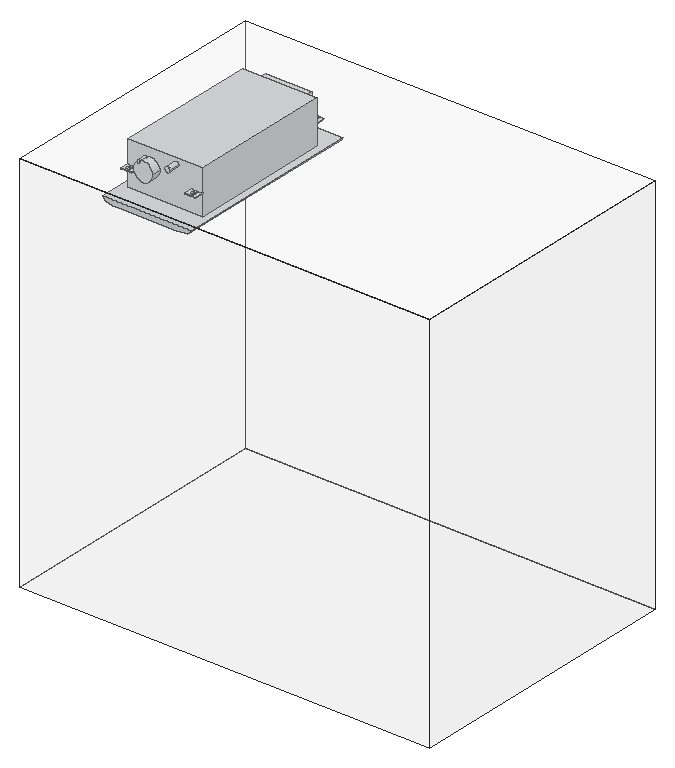
Revit family "pmfy-p22_45bmg9_50hz", category 機械設備, Revit 2019
Family settings
  丸型コネクタ寸法 = 直径を使用
  パーツ タイプ = 標準
  OmniClass 番号 = 23.75.10.24.21.27.27
  OmniClass タイトル = Split System Air Conditioning Units
  作業面ベース = いいえ
  常に垂直 = はい
  ロード時にボイドで切り取り = いいえ
  共有 = いいえ
  部屋計算ポイント = はい
Parameters (values of type "天井1方向_PMFY-P22BMG9")
  風量_静 (m3/min) = 6.5
  風量_強 (m3/min) = 8.7
  風量_弱 (m3/min) = 7.2
  風量_中 (m3/min) = 8
  風量 = MAX風量  # 522.0 m³/h
  音響パワーレベル（静）(dB) = 43
  音響パワーレベル（強）(dB) = 50
  音響パワーレベル（弱）(dB) = 45
  音響パワーレベル（中）(dB) = 48
  電源種別 = ""
  電源_H = 0 mm
  電圧 = 200 V
  電動機出力_送風機 = 0.028 kW
  運転質量 = 0.00 kg
  連動 = ""
  質量 = if(製品質量 > 運転質量, 製品質量, 運転質量) * 1.2  # 20.40 kg
  負荷分類 = 3_ファン類
  構成品番 = "PMFY-P22BMG9"
  冷媒液管位置-Z = 96 mm
  冷媒液管位置-Y = 43 mm
  冷媒液管位置-X = 254 mm
  冷媒ガス管位置-Z = 176 mm
  冷媒ガス管位置-Y = 46 mm
  冷媒ガス管位置-X = 302 mm
  ドレン管径 (外径) = 26.00 mm
  ドレン管位置-Z = 198 mm
  ドレン管位置-Y = 56 mm
  ドレン管位置-X = 141 mm
  サービススペース = yes
  【値が 0 の項目は組合せ形名にてご確認ください】 = ""
  URL = "https://www.mitsubishielectric.co.jp/ldg/wink/ssl/displayProduct.do?pid=321233"
  Panel Width = 1000 mm
  Panel Height = 30 mm
  Panel Depth = 470 mm
  MIN２風量 = [風量_静 (m3/min)] * 60.0 m³/h  # 390.0 m³/h
  MIN風量 = [風量_弱 (m3/min)] * 60.0 m³/h  # 432.0 m³/h
  MID風量 = [風量_中 (m3/min)] * 60.0 m³/h  # 480.0 m³/h
  MAX風量 = [風量_強 (m3/min)] * 60.0 m³/h  # 522.0 m³/h
  説明 = "ビル用マルチエアコン 室内ユニット 1方向天井カセット形"
  設計暖房能力 = 0.00 kW
  設計冷房能力_顕熱 = 0.00 kW
  設計冷房能力 = 0.00 kW
  設置方法 = "カセット形"
  記号 = ""
  製造元 = "三菱電機株式会社"
  製品質量 = 17.00 kg
  製品出荷対象 = "国内"
  製品リリース年月 = "2022/9/15"
  製品グループ = ""
  系統 = ""
  符号 = "ACP-CK1"
  積算_科目 = "1 空気調和設備"
  積算_拾い区分 [instance] = ""
  相 = 1
  盤記号 = ""
  発停方法 = "付属スイッチ"
  特殊仕様 = ""
  火災停止 = ""
  消費電力_暖房 = 0.035 kW
  消費電力_冷房 = 0.035 kW
  消費電力 = if(消費電力_冷房 > 消費電力_暖房, 消費電力_冷房, 消費電力_暖房)  # 0.035 kW
  法定耐用年数 = "6"
  極数 = 1
  材質 = ""
  本体マテリアル = none
  有効加湿量 = 0
  暖房能力 = 2.50 kW
  推奨ブレーカー容量 = 15 A
  形式_加湿器 = ""
  形式 = "1方向天井カセット形"
  幹線記号 = ""
  始動方式 = "直入"
  呼称 = "パッケージ形空気調和機_室内機"
  周波数 = 50 Hz
  吊り位置Y = 811 mm
  吊り位置X = 340 mm
  吊りボルト_H = 110 mm
  台数_手元リモコン = ""
  台数_冷媒分岐ユニット = ""
  参照している仕様書等のバージョン = "公共建築工事標準仕様書（機械設備工事編）平成31年度版"
  加湿給水管径 = 0.00 mm
  分類コード = "50053003221010"
  分類グループ = ""
  冷房能力 = 2.20 kW
  冷媒高低圧ガス管径 = 0.00 mm
  冷媒管径符号 = "Ac"
  冷媒管径 = 100.00 mm
  冷媒液管径 = 6.35 mm
  冷媒ガス管径 = 12.70 mm
  企業コード = "108420"
  付属品_フィルター = ""
  付属品 = ""
  仕様書バージョン = "Version1.0"
  Model = ""
  パネルマテリアル = none
  ドレン管径 = 20.00 mm
  コメント [instance] = ""
  ケーブル種類 = ""
  ケーブルサイズ = 1.6 mm
  Width = 812 mm
  Version = ""
  Uniclass2015Version = "Systems v1.9"
  Uniclass2015Title = "Split coil remote air cooled condensing units"
  Uniclass2015Code = "Pr_70_65_03_84"
  SpecificationReference = ""
  SpecificationDescription = ""
  Revision = ""
  ProductInformation = ""
  OmniClassCode = "23-33 17 13 11"
  IfcTypeProduct = ""
  IfcProduct = ""
  IfcExportType = "AIRCONDITIONINGUNIT"
  IfcExportAs = "IfcUnitaryEquipmentType"
  Height = 230 mm
  Depth = 395 mm
  価格 = 0
  Clearance Top = 235 mm
  Clearance Right = 1500 mm
  Clearance Left = 200 mm
  Clearance Front = 300 mm
  Clearance Bottom = 1800 mm
  Clearance Back = 200 mm
  Author = "三菱電機株式会社"
Types (4, lengths in mm): name | 風量_静 (m3/min) | 風量_強 (m3/min) | 風量_弱 (m3/min) | 風量_中 (m3/min) | 風量 | 音響パワーレベル（静）(dB) | 音響パワーレベル（強）(dB) | 音響パワーレベル（弱）(dB) | 音響パワーレベル（中）(dB) | 構成品番 | URL | MIN２風量 | MIN風量 | MID風量 | MAX風量 | 消費電力_暖房 | 消費電力_冷房 | 消費電力 | 暖房能力 | 冷房能力
  天井1方向_PMFY-P22BMG9 | 6.5 | 8.7 | 7.2 | 8 | 522.0 m³/h | 43 | 50 | 45 | 48 | "PMFY-P22BMG9" | "https://www.mitsubishielectric.co.jp/ldg/wink/ssl/displayProduct.do?pid=321233" | 390.0 m³/h | 432.0 m³/h | 480.0 m³/h | 522.0 m³/h | 0.035 kW | 0.035 kW | 0.035 kW | 2.50 kW | 2.20 kW
  天井1方向_PMFY-P28BMG9 | 7.3 | 9.3 | 8 | 8.6 | 558.0 m³/h | 47 | 52 | 48 | 50 | "PMFY-P28BMG9" | "https://www.mitsubishielectric.co.jp/ldg/wink/ssl/displayProduct.do?pid=321234" | 438.0 m³/h | 480.0 m³/h | 516.0 m³/h | 558.0 m³/h | 0.037 kW | 0.037 kW | 0.037 kW | 3.20 kW | 2.80 kW
  天井1方向_PMFY-P36BMG9 | 7.3 | 9.3 | 8 | 8.6 | 558.0 m³/h | 47 | 52 | 48 | 50 | "PMFY-P36BMG9" | "https://www.mitsubishielectric.co.jp/ldg/wink/ssl/displayProduct.do?pid=321235" | 438.0 m³/h | 480.0 m³/h | 516.0 m³/h | 558.0 m³/h | 0.037 kW | 0.037 kW | 0.037 kW | 4.00 kW | 3.60 kW
  天井1方向_PMFY-P45BMG9 | 7.7 | 10.7 | 8.7 | 9.7 | 642.0 m³/h | 49 | 55 | 51 | 53 | "PMFY-P45BMG9" | "https://www.mitsubishielectric.co.jp/ldg/wink/ssl/displayProduct.do?pid=321236" | 462.0 m³/h | 522.0 m³/h | 582.0 m³/h | 642.0 m³/h | 0.045 kW | 0.045 kW | 0.045 kW | 5.00 kW | 4.50 kW
Reference planes
  plane 1 "中心(正面/背面)": y = 0
  plane 2: z = 0
  plane 3 "中心(左/右)": x = 0
  plane 4: x = -197.5
  plane 5: x = 197.5
  plane 6: z = 230
  plane 7: y = -379.5
  plane 8: y = 500
  plane 9: y = -500
  plane 10: y = 405.5
  plane 11: y = -405.5
  plane 12: x = -170
  plane 13: x = 170
  plane 14: y = 300
  plane 15: z = 110
  plane 16: y = 700
  plane 17: y = -800
  plane 18: x = 235
  plane 19: x = -235
  plane 20: x = 1735
  plane 21: x = -435
  plane 22: z = -1800
  plane 23: z = 235
  plane 24: z = -30
  plane 25: y = 432.5
  plane 26: x = 56.5
  plane 27: x = -56.5
  plane 28: x = -104.5
  plane 29: y = -422.5
  plane 30: y = -435.5
  plane 31: y = -425.5
  plane 32: z = 198
  plane 33: z = 176
  plane 34: z = 96
  plane 35: z = 150
  plane 36: x = 73.5
Dimensions and locks
  equal spacing: plane 4, plane 3 "中心(左/右)", plane 5
  "Depth": plane 4 to plane 5
  "Height": plane 6 to level
  equal spacing: plane 8, plane 1 "中心(正面/背面)", plane 9
  "Panel Width": plane 8 to plane 9
  equal spacing: plane 11, plane 1 "中心(正面/背面)", plane 10
  "吊り位置Y": plane 11 to plane 10
  equal spacing: plane 12, plane 3 "中心(左/右)", plane 13
  "吊り位置X": plane 12 to plane 13
  "Clearance Back": plane 16 to plane 8
  "Clearance Front": plane 9 to plane 17
  equal spacing: plane 19, plane 3 "中心(左/右)", plane 18
  "Panel Depth": plane 19 to plane 18
  "Clearance Left": plane 21 to plane 19
  "Clearance Bottom": level to plane 22
  "Clearance Top": plane 23 to level
  "Panel Height": level to plane 24
  "Width": plane 7 to plane 25
  "ドレン管位置-X": plane 26 to plane 5
  "冷媒液管位置-X": plane 27 to plane 5
  "冷媒ガス管位置-X": plane 28 to plane 5
  "冷媒液管位置-Y": plane 29 to plane 7
  "ドレン管位置-Y": plane 30 to plane 7
  "冷媒ガス管位置-Y": plane 7 to plane 31
  "ドレン管位置-Z": plane 32 to plane 2
  "冷媒ガス管位置-Z": plane 33 to plane 2
  "冷媒液管位置-Z": plane 34 to plane 2
  "Clearance Right": plane 18 to plane 20
  aligned and locked: level to plane 2
  aligned and locked: nested 2 to plane 12
  aligned and locked: plane 13 to nested 2
  aligned and locked: plane 10 to nested 2
  aligned and locked: plane 11 to nested 2  (x2)
  aligned and locked: nested 2 to plane 10
  aligned and locked: nested 2 to plane 13
  aligned and locked: plane 12 to nested 2
  aligned and locked: nested 3 to plane 16
  aligned and locked: plane 17 to nested 3
  aligned and locked: plane 20 to nested 3
  aligned and locked: nested 3 to plane 21
  aligned and locked: plane 23 to nested 3
  aligned and locked: plane 22 to nested 3
Nested families
  nested 1: "PMFY-P○○BMG7" at (0, 0, 0), type "PMFY-P○○BMG7"
    with ユニット表示 yes
  nested 2: "固定点" at (-170, -405.5, 110), type "固定点"
    with W 340 mm, D 811 mm
  nested 3: "サービススペース" at (650, -50, -782.5), visible <- "サービススペース", type "サービススペース"
    with Width 2170 mm, Height 2035 mm, Depth 1500 mm
Connectors
  electrical at (73.5, 431.602, 150), driven by "極数", driven by "負荷分類", driven by "電圧", driven by "消費電力"
    settings: on nested 1, index 1, voltage 200 V, apparent load 35 VA, apparent load phase1 0 VA, apparent load phase2 0 VA, apparent load phase3 0 VA, power factor 1, load classification "3_ファン類", number of poles 1, system type 30, power factor state 1, is connector primary yes, connector utility no, sub classification motor no, connector description ""
  piping at (-80.5, -425.5, 136), diameter 100, driven by "冷媒管径", driven by "冷媒管径符号"
    settings: on nested 1, index 2, connector inside diameter 609.60 mm, connector length 0 mm, flow factor 0, pipe flow 0.0 L/s, pressure drop 0.0 Pa, fitting loss kfactor 0, connector angle 0.00°, fixture units 0, engagement length 0 mm, angle of deflection 0.00°, flow configuration 1, flow direction 1, fitting loss method 4, system type 7, joint type 0, gender type 0, connector reference index -1, connector utility 0, adjustable connector no, is connector primary yes, connector description "Ac"
  piping at (56.5, -435.5, 198), diameter 26, driven by "ドレン管径 (外径)"
    settings: on nested 1, index 3, connector inside diameter 609.60 mm, connector length 0 mm, flow factor 0, pipe flow 0.0 L/s, pressure drop 0.0 Pa, fitting loss kfactor 0, connector angle 0.00°, fixture units 0, engagement length 0 mm, angle of deflection 0.00°, flow configuration 1, flow direction 2, fitting loss method 4, system type 16, joint type 0, gender type 0, connector reference index -1, connector utility 0, adjustable connector no, is connector primary no, connector description ""
Definition of nested family "PMFY-P○○BMG7"
  Parameters (values of type "PMFY-P○○BMG7")
    配線取出口サイズ = 30 mm
    電線用ノックアウト穴Z = 150 mm
    電線用ノックアウト穴X = 124 mm
    液配管サイズ = 6.35 mm
    冷媒ガス管位置-Z = 176 mm
    パネル外形-X = 470 mm
    パネル外形-Y = 幅さ + 188 mm  # 1000 mm
    高さ = 230 mm
    奥行き = 395 mm
    吊りボルト_H = 110 mm
    冷媒配管 = 100 mm
    冷媒液管位置-Z = 96 mm
    冷媒液管位置-Y = 43 mm
    冷媒液管位置-X = 254 mm
    冷媒ガス管位置-Y = 46 mm
    冷媒ガス管位置-X = 302 mm
    ユニット表示 [instance] = yes
    ボルトピッチ = 340 mm
    ドレン配管サイズ = 20 mm
    ドレン管位置-Z = 198 mm
    ドレン管位置-Y = 56 mm
    ドレン管位置-X = 141 mm
    ドレン管径 (外径) = 26 mm
    ガス配管サイズ = 12.7 mm
    D = 811 mm
    幅さ = 812 mm
  Reference planes
    plane 1 "中心(正面/背面)": y = 0
    plane 2: z = 0
    plane 3 "中心(左/右)": x = 0
    plane 4: y = 500
    plane 5: y = 379.5
    plane 6: y = -500
    plane 7: x = -235
    plane 8: x = 235
    plane 9: x = -197.5
    plane 10: x = 197.5
    plane 11: y = 432.5
    plane 12: y = -379.5
    plane 13: z = 230
    plane 14: y = 405.5
    plane 15: y = -405.5
    plane 16: x = -170
    plane 17: x = 170
    plane 18: z = 110
    plane 19: z = 111
    plane 20: z = 109
    plane 21: y = -435.5
    plane 22: x = 56.5
    plane 23: z = 198
    plane 24: x = -104.5
    plane 25: x = -56.5
    plane 26: y = -422.5
    plane 27: y = -425.5
    plane 28: z = 176
    plane 29: z = 96
    plane 30: x = 73.5
    plane 31: z = 150
    plane 32: y = 425.5
  Forms (mm)
    Extrusion 1, void
      sketch origin (0, 0, -30) x (0, -1, 0) y (1, 0, 0)
        loop
          line (-500, 195) -> (-290, 195) -> (-290, 125)
          arc (-290, 125) -> (-287.071, 117.929) -> (-280, 115) r 10
          line (-280, 115) -> (280, 115)
          arc (280, 115) -> (287.071, 117.929) -> (290, 125) r 10
          line (290, 125) -> (290, 195) -> (497.5, 195) -> (500, 197.5) -> (-500, 197.5) -> (-500, 195)
      from 0 to 8
    Extrusion 2, solid, visible <- "ユニット表示", detail levels fine
      sketch origin (0, 0, -30) x (0, -1, 0) y (1, 0, 0)
        loop
          line (-280, 129.824) -> (280, 129.824) -> (280, 189.824) -> (-280, 189.824) -> (-280, 129.824)
      from 0 to 8
    Extrusion 3, solid, visible <- "ユニット表示", detail levels fine
      sketch origin (0, 0, 0) x (1, 0, 0) y (0, 1, 0)
        loop
          line (-197.5, 379.5) -> (-197.5, -379.5) -> (197.5, -379.5) -> (197.5, 379.5) -> (-197.5, 379.5)
      from 0 to 230
    Extrusion 4, solid, visible <- "ユニット表示", detail levels fine
      sketch origin (0, 0, 0) x (1, 0, 0) y (0, 0, 1)
        loop
          circle (-80.5, 136) r 50
      from 379.5 to 425.5
    Extrusion 5, solid, visible <- "ユニット表示", detail levels fine
      sketch origin (0, 0, 0) x (1, 0, 0) y (0, 0, 1)
        loop
          circle (-104.5, 176) r 6.35
      from 425.5 to 379.5
    Extrusion 6, solid, visible <- "ユニット表示", detail levels fine
      sketch origin (0, 0, 0) x (1, 0, 0) y (0, 0, 1)
        loop
          circle (-56.5, 96) r 3.175
      from 422.5 to 379.5
    Extrusion 7, solid, visible <- "ユニット表示", detail levels fine
      sketch origin (0, 0, 0) x (1, 0, 0) y (0, 0, 1)
        loop
          circle (73.5, 150) r 15
      from -432.5 to -431.602
    Extrusion 8, solid, visible <- "ユニット表示", detail levels fine
      sketch origin (0, 0, 0) x (1, 0, 0) y (0, 0, 1)
        loop
          circle (56.5, 198) r 13
      from 379.5 to 435.5
    Extrusion 9, solid, visible <- "ユニット表示", detail levels fine
      sketch origin (0, 0, 0) x (1, 0, 0) y (0, 1, 0)
        loop
          line (-142, -425.5) -> (-142, -379.5) -> (-198, -379.5) -> (-198, -425.5) -> (-174, -425.5) -> (-174, -415.5)
          arc (-174, -415.5) -> (-183.963, -405.481) -> (-173.963, -395.5) r 10
          line (-173.963, -395.5) -> (-166.009, -395.5)
          arc (-166.009, -395.5) -> (-156.009, -405.496) -> (-166, -415.5) r 10
          line (-166, -415.5) -> (-166, -425.5) -> (-142, -425.5)
        loop
          line (142, -379.5) -> (142, -425.5) -> (166, -425.5) -> (166, -415.5)
          arc (166, -415.5) -> (156.009, -405.496) -> (166.009, -395.5) r 10
          line (166.009, -395.5) -> (173.963, -395.5)
          arc (173.963, -395.5) -> (183.963, -405.481) -> (174, -415.5) r 10
          line (174, -415.5) -> (174, -425.5) -> (198, -425.5) -> (198, -379.5) -> (142, -379.5)
        loop
          line (-142, 379.5) -> (-142, 425.5) -> (-166, 425.5) -> (-166, 415.5)
          arc (-166, 415.5) -> (-156.009, 405.496) -> (-166.009, 395.5) r 10
          line (-166.009, 395.5) -> (-173.963, 395.5)
          arc (-173.963, 395.5) -> (-183.963, 405.481) -> (-174, 415.5) r 10
          line (-174, 415.5) -> (-174, 425.5) -> (-198, 425.5) -> (-198, 379.5) -> (-142, 379.5)
        loop
          line (142, 425.5) -> (142, 379.5) -> (198, 379.5) -> (198, 425.5) -> (174, 425.5) -> (174, 415.5)
          arc (174, 415.5) -> (183.963, 405.481) -> (173.963, 395.5) r 10
          line (173.963, 395.5) -> (166.009, 395.5)
          arc (166.009, 395.5) -> (156.009, 405.496) -> (166, 415.5) r 10
          line (166, 415.5) -> (166, 425.5) -> (142, 425.5)
      from 109 to 111
    Extrusion 10, solid, visible <- "ユニット表示", detail levels fine
      sketch origin (0, 0, 0) x (1, 0, 0) y (0, 0, 1)
        loop
          line (-149.931, -30) -> (158.916, -30)
          arc (158.916, -30) -> (178.298, -28.765) -> (197.5, -25.851) r 223.291
          arc (197.5, -25.851) -> (205.218, -24.191) -> (212.873, -22.259) r 223.291
          arc (212.873, -22.259) -> (224.339, -16.257) -> (232.21, -5.984) r 30
          line (232.21, -5.984) -> (235, 0) -> (-235, 0) -> (-232.21, -5.984)
          arc (-232.21, -5.984) -> (-224.339, -16.257) -> (-212.873, -22.259) r 30
          arc (-212.873, -22.259) -> (-181.678, -28.376) -> (-149.931, -30) r 223.291
      from -500 to 500
    Extrusion 11, solid, visible <- "ユニット表示", detail levels fine
      sketch origin (0, 0, 0) x (1, 0, 0) y (0, 0, 1)
        loop
          line (-118.5, 210) -> (-118.5, 0) -> (128.5, 0) -> (128.5, 210) -> (-118.5, 210)
      from -432.5 to -379.5
  Cuts and joins
    Extrusion 1 cuts Extrusion 10
  Lines and regions (mm)
    model lines, visible <- "ユニット表示", detail levels fine
      curve 1: line (115, -280, -30) -> (115, 0, -30)
      curve 2: line (95, -500, -30) -> (95, 500, -30)
      curve 3: line (80, 500, -30) -> (80, -500, -30)
      curve 4: line (65, 500, -30) -> (65, -500, -30)
      curve 5: line (50, 500, -30) -> (50, -500, -30)
      curve 6: line (35, 500, -30) -> (35, -500, -30)
      curve 7: line (20, 500, -30) -> (20, -500, -30)
      curve 8: line (-134.931, -500, -30) -> (-134.931, 500, -30)
      curve 9: line (-119.931, -500, -30) -> (-119.931, 500, -30)
      curve 10: line (-104.931, -500, -30) -> (-104.931, 500, -30)
      curve 11: line (-119.931, 500, -30) -> (-119.931, -500, -30)
      curve 12: line (-89.931, -500, -30) -> (-89.931, 500, -30)
      curve 13: line (-74.931, -500, -30) -> (-74.931, 500, -30)
    symbolic lines, detail levels coarse+medium
      curve 14: line (-235, 500, 0) -> (235, 500, 0)
      curve 15: line (-235, -500, 0) -> (-235, 500, 0)
      curve 16: line (235, -500, 0) -> (-235, -500, 0)
      curve 17: line (235, 500, 0) -> (235, -500, 0)
  Dimensions and locks
    equal spacing: plane 4, plane 1 "中心(正面/背面)", plane 6
    "パネル外形-Y": plane 4 to plane 6
    equal spacing: plane 9, plane 3 "中心(左/右)", plane 10
    "奥行き": plane 9 to plane 10
    "パネル外形-X": plane 7 to plane 8
    "幅さ": plane 11 to plane 12
    "高さ": plane 13 to level
    equal spacing: plane 14, plane 1 "中心(正面/背面)", plane 15
    "D": plane 14 to plane 15
    "吊りボルト_H": level to plane 18
    plane 20 to plane 19 = 2 mm
    plane 14 to plane 5 = 26 mm
    plane 12 to plane 15 = 26 mm
    equal spacing: plane 16, plane 3 "中心(左/右)", plane 17
    "ボルトピッチ": plane 16 to plane 17
    "ドレン管位置-Y": plane 12 to plane 21
    "ドレン管位置-X": plane 22 to plane 10
    "ドレン管位置-Z": plane 23 to level
    "冷媒ガス管位置-X": plane 24 to plane 10
    "冷媒液管位置-X": plane 25 to plane 10
    "冷媒ガス管位置-Y": plane 12 to plane 27
    "冷媒液管位置-Y": plane 12 to plane 26
    "冷媒ガス管位置-Z": plane 28 to level
    plane 19 to plane 20 = 2 mm
    "電線用ノックアウト穴Z": level to plane 31
    "冷媒液管位置-Z": plane 29 to level
    "電線用ノックアウト穴X": plane 30 to plane 10
    plane 5 to plane 12 = 759 mm
    plane 32 to plane 14 = 20 mm
    plane 15 to plane 27 = 20 mm
    aligned and locked: level to plane 2
    aligned and locked: curve 17 to plane 8
    aligned and locked: plane 7 to curve 15
    aligned and locked: plane 13 to Extrusion 3
    aligned and locked: Extrusion 3 to plane 9
    aligned and locked: Extrusion 3 to plane 10
  Automatic sketch dimensions
    curve 8 to curve 9 = 15 mm
    curve 11 to curve 9 = 0 mm
    curve 9 to curve 10 = 15 mm
    curve 10 to curve 12 = 15 mm
    curve 12 to curve 13 = 15 mm
    curve 13 to curve 7 = 94.931 mm
    curve 7 to curve 6 = 15 mm
    curve 6 to curve 5 = 15 mm
    curve 5 to curve 4 = 15 mm
    curve 4 to curve 3 = 15 mm
    curve 3 to curve 2 = 15 mm
    Extrusion 1 sketch curve to plane 4 = 0 mm
    Extrusion 1 sketch curve to plane 6 = 0 mm
    Extrusion 1 sketch curve to plane 5 = 89.5 mm
    Extrusion 1 sketch curve to Extrusion 1 sketch curve = 10 mm  (x2)
    plane 6 to Extrusion 1 sketch curve = 2.5 mm
    plane 3 "中心(左/右)" to Extrusion 1 sketch curve = 115 mm
    Extrusion 1 sketch curve to Extrusion 1 sketch curve = 70 mm  (x2)
    Extrusion 1 sketch curve to Extrusion 1 sketch curve = 2.5 mm
    Extrusion 2 sketch curve to plane 5 = 99.5 mm
    plane 3 "中心(左/右)" to Extrusion 2 sketch curve = 129.824 mm
    Extrusion 2 sketch curve to Extrusion 2 sketch curve = 60 mm
    plane 6 to Extrusion 1 sketch curve = 220 mm
    plane 6 to Extrusion 2 sketch curve = 220 mm
    curve 16 to plane 6 = 0 mm
    curve 15 to plane 4 = 0 mm
    Extrusion 3 sketch curve to plane 9 = 0 mm
    Extrusion 3 sketch curve to plane 12 = 0 mm
    Extrusion 3 sketch curve to plane 5 = 0 mm
    Extrusion 3 sketch curve to plane 17 = 27.5 mm
    Extrusion 4 sketch curve to plane 24 = 24 mm
    Extrusion 4 sketch curve to plane 31 = 14 mm
    plane 24 to Extrusion 5 sketch curve = 0 mm
    Extrusion 5 sketch curve to plane 28 = 0 mm
    plane 25 to Extrusion 6 sketch curve = 0 mm
    Extrusion 6 sketch curve to plane 29 = 0 mm
    plane 30 to Extrusion 7 sketch curve = 0 mm
    Extrusion 7 sketch curve to plane 31 = 0 mm
    plane 22 to Extrusion 8 sketch curve = 0 mm
    Extrusion 8 sketch curve to plane 23 = 0 mm
    Extrusion 9 sketch curve to plane 27 = 0 mm  (x4)
    Extrusion 9 sketch curve to plane 12 = 0 mm  (x2)
    Extrusion 9 sketch curve to plane 15 = 0 mm  (x4)
    Extrusion 9 sketch curve to plane 9 = 0.5 mm  (x2)
    Extrusion 9 sketch curve to plane 16 = 4 mm  (x2)
    Extrusion 9 sketch curve to plane 16 = 3.963 mm  (x2)
    plane 16 to Extrusion 9 sketch curve = 3.991 mm  (x2)
    plane 16 to Extrusion 9 sketch curve = 4 mm  (x2)
    plane 16 to Extrusion 9 sketch curve = 28 mm  (x2)
    plane 26 to Extrusion 9 sketch curve = 7 mm  (x2)
    plane 17 to Extrusion 9 sketch curve = 28 mm  (x2)
    plane 17 to Extrusion 9 sketch curve = 4 mm  (x2)
    plane 17 to Extrusion 9 sketch curve = 3.991 mm  (x2)
    Extrusion 9 sketch curve to plane 17 = 3.963 mm  (x2)
    Extrusion 9 sketch curve to plane 17 = 4 mm  (x2)
    Extrusion 9 sketch curve to plane 10 = 0.5 mm  (x2)
    Extrusion 9 sketch curve to plane 32 = 0 mm  (x4)
    Extrusion 9 sketch curve to plane 5 = 0 mm  (x2)
    Extrusion 9 sketch curve to plane 14 = 0 mm  (x4)
    Extrusion 9 sketch curve to plane 14 = 10 mm  (x2)
    Extrusion 10 sketch curve to Extrusion 10 sketch curve = 0 mm  (x2)
    Extrusion 10 sketch curve to level = 0 mm
    Extrusion 10 sketch curve to plane 7 = 0 mm
    plane 10 to Extrusion 10 sketch curve = 0 mm
    Extrusion 10 sketch curve to plane 8 = 0 mm
    plane 7 to Extrusion 10 sketch curve = 2.79 mm
    Extrusion 10 sketch curve to plane 9 = 7.52 mm
    Extrusion 10 sketch curve to plane 23 = 4.754 mm  (x2)
    plane 16 to Extrusion 10 sketch curve = 15.576 mm
    plane 16 to Extrusion 10 sketch curve = 20.069 mm
    plane 17 to Extrusion 10 sketch curve = 15.576 mm
    plane 17 to Extrusion 10 sketch curve = 11.084 mm
    Extrusion 10 sketch curve to plane 10 = 7.52 mm
    Extrusion 10 sketch curve to plane 8 = 2.79 mm
    Extrusion 10 sketch curve to level = 5.984 mm  (x2)
    Extrusion 10 sketch curve to level = 30 mm
    level to Extrusion 10 sketch curve = 6.695 mm  (x2)
    curve 13 to plane 4 = 0 mm
    curve 8 to plane 4 = 0 mm
    curve 12 to plane 4 = 0 mm
    curve 2 to plane 4 = 0 mm
    curve 3 to plane 4 = 0 mm
    curve 11 to plane 4 = 0 mm
    curve 4 to plane 4 = 0 mm
    curve 10 to plane 4 = 0 mm
    curve 5 to plane 4 = 0 mm
    curve 9 to plane 4 = 0 mm
    curve 6 to plane 4 = 0 mm
    curve 7 to plane 4 = 0 mm
    plane 1 "中心(正面/背面)" to curve 1 = 0 mm
    curve 8 to plane 6 = 0 mm
    curve 6 to plane 6 = 0 mm
    curve 9 to plane 6 = 0 mm
    curve 5 to plane 6 = 0 mm
    curve 10 to plane 6 = 0 mm
    curve 4 to plane 6 = 0 mm
    curve 3 to plane 6 = 0 mm
    curve 11 to plane 6 = 0 mm
    curve 12 to plane 6 = 0 mm
    curve 2 to plane 6 = 0 mm
    curve 13 to plane 6 = 0 mm
    curve 7 to plane 6 = 0 mm
    plane 24 to curve 8 = 30.431 mm
    curve 1 to plane 30 = 41.5 mm
    plane 12 to curve 1 = 99.5 mm
    Extrusion 11 sketch curve to level = 0 mm
    plane 24 to Extrusion 11 sketch curve = 14 mm
    plane 17 to Extrusion 11 sketch curve = 41.5 mm
    plane 23 to Extrusion 11 sketch curve = 12 mm
    radius of Extrusion 4 sketch curve = 50 mm
    radius of Extrusion 5 sketch curve = 6.35 mm
    radius of Extrusion 6 sketch curve = 3.175 mm
    radius of Extrusion 7 sketch curve = 15 mm
    radius of Extrusion 8 sketch curve = 13 mm
Definition of nested family "サービススペース"
  Parameters
    Width [instance] = 500 mm
    Height [instance] = 500 mm
    Depth [instance] = 500 mm
  Reference planes
    plane 1 "中心(正面/背面)": y = 0
    plane 2: z = 0
    plane 3 "中心(左/右)": x = 0
    plane 4: y = -250
    plane 5: x = 250
    plane 6: y = 250
    plane 7: x = -250
    plane 8: z = 250
    plane 9: z = -250
  Forms (mm)
    Extrusion 1, solid
      sketch origin (-638.939, 0, 72.39) x (1, 0, 0) y (0, 1, 0)
        loop
          line (388.939, 250) -> (388.939, -250) -> (888.939, -250) -> (888.939, 250) -> (388.939, 250)
      from -322.39 to 177.61
  Lines and regions (mm)
    symbolic lines
      curve 1: line (-250, 0, 250) -> (250, 0, 250)
      curve 2: line (-250, 0, -250) -> (-250, 0, 250)
      curve 3: line (250, 0, -250) -> (-250, 0, -250)
      curve 4: line (250, 0, 250) -> (250, 0, -250)
      curve 5: line (0, -250, 250) -> (0, 250, 250)
      curve 6: line (0, -250, -250) -> (0, -250, 250)
      curve 7: line (0, 250, -250) -> (0, -250, -250)
      curve 8: line (0, 250, 250) -> (0, 250, -250)
      curve 9: line (-250, 250, 0) -> (250, 250, 0)
      curve 10: line (-250, -250, 0) -> (-250, 250, 0)
      curve 11: line (250, -250, 0) -> (-250, -250, 0)
      curve 12: line (250, 250, 0) -> (250, -250, 0)
  Dimensions and locks
    equal spacing: plane 7, plane 3 "中心(左/右)", plane 5
    equal spacing: plane 4, plane 1 "中心(正面/背面)", plane 6
    "Depth": plane 4 to plane 6
    "Width": plane 7 to plane 5
    equal spacing: plane 8, plane 2, plane 9
    "Height": plane 8 to plane 9
    aligned and locked: plane 9 to curve 3
    aligned and locked: plane 7 to curve 2
    aligned and locked: curve 4 to plane 5
    aligned and locked: plane 5 to Extrusion 1
    aligned and locked: Extrusion 1 to plane 7
    aligned and locked: Extrusion 1 to plane 9
    aligned and locked: plane 8 to Extrusion 1
    aligned and locked: plane 9 to curve 7
  Automatic sketch dimensions
    plane 4 to Extrusion 1 sketch curve = 0 mm
    Extrusion 1 sketch curve to plane 7 = 0 mm
    Extrusion 1 sketch curve to plane 5 = 0 mm
    plane 6 to Extrusion 1 sketch curve = 0 mm
    curve 2 to plane 8 = 0 mm
    plane 4 to curve 11 = 0 mm
    curve 11 to plane 7 = 0 mm
    curve 11 to plane 5 = 0 mm
    plane 6 to curve 10 = 0 mm
    curve 7 to plane 4 = 0 mm
    curve 7 to plane 6 = 0 mm
    curve 6 to plane 8 = 0 mm
Definition of nested family "固定点"
  Parameters (values of type "固定点")
    中心円 = 20 mm
    W [instance] = 1000 mm
    D [instance] = 1000 mm
  Reference planes
    plane 1 "中心(正面/背面)": y = 0
    plane 2: z = 0
    plane 3 "中心(左/右)": x = 0
    plane 4: x = 1000
    plane 5: y = 1000
  Lines and regions (mm)
    symbolic lines, detail levels fine
      curve 1: line (-200, 1000, 0) -> (1200, 1000, 0)
      curve 2: line (-200, 0, 0) -> (1200, 0, 0)
      curve 3: line (0, 1200, 0) -> (0, -200, 0)
      curve 4: line (1000, 1200, 0) -> (1000, -200, 0)
    model lines, detail levels fine
      curve 5: circle (0, 1000, 0) r 10 normal (0, 0, 1)
      curve 6: circle (1000, 1000, 0) r 10 normal (0, 0, 1)
      curve 7: circle (1000, 0, 0) r 10 normal (0, 0, 1)
      curve 8: circle (0, 0, 0) r 10 normal (0, 0, 1)
  Dimensions and locks
    "W": plane 3 "中心(左/右)" to plane 4
    "D": plane 1 "中心(正面/背面)" to plane 5
    "中心円": diameter of curve 5
    "中心円": diameter of curve 8
    "中心円": diameter of curve 7
    "中心円": diameter of curve 6
    aligned and locked: level to plane 2
    aligned and locked: plane 1 "中心(正面/背面)" to curve 2
    aligned and locked: curve 3 to plane 3 "中心(左/右)"
    aligned and locked: curve 4 to plane 4
  Automatic sketch dimensions
    curve 1 to plane 5 = 0 mm
    curve 5 to plane 3 "中心(左/右)" = 0 mm
    plane 1 "中心(正面/背面)" to curve 8 = 0 mm
    curve 8 to plane 3 "中心(左/右)" = 0 mm
    plane 1 "中心(正面/背面)" to curve 7 = 0 mm
    curve 7 to plane 4 = 0 mm
    curve 6 to plane 4 = 0 mm
    curve 5 to plane 5 = 0 mm
    curve 6 to plane 5 = 0 mm
    curve 1 to plane 3 "中心(左/右)" = 200 mm
    curve 2 to plane 3 "中心(左/右)" = 200 mm
    curve 6 to curve 1 = 200 mm
    curve 7 to curve 2 = 200 mm
    plane 1 "中心(正面/背面)" to curve 3 = 200 mm
    plane 1 "中心(正面/背面)" to curve 4 = 200 mm
    curve 6 to curve 4 = 200 mm
    curve 5 to curve 3 = 200 mm
